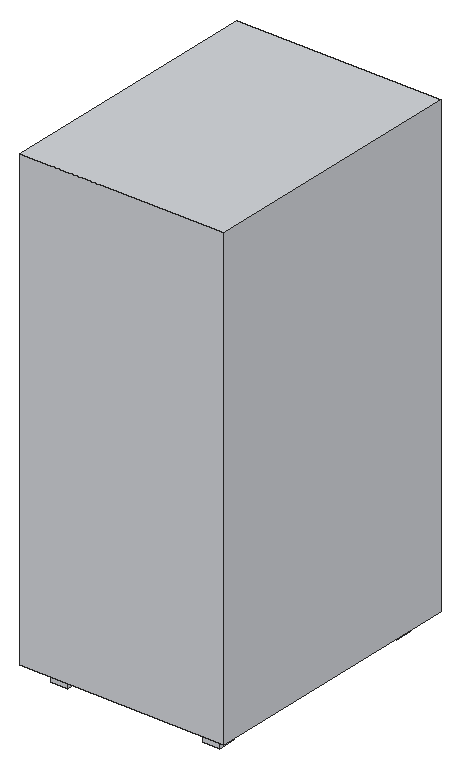
Revit family "c8ec6a947620400eb2c5e670ad26d577", category Electrical Equipment, Revit 2021
Family settings
  Panel Configuration = Two Columns, Circuits Across
  Round Connector Dimension = Use Diameter
  Part Type = Panelboard
  OmniClass Number = 23.80.10.17.34
  OmniClass Title = Static Uninterruptible Power Supplies
  Seek Item ID = Uninterruptible Power Supply-0000-USA-ENU
  Work Plane-Based = No
  Always vertical = Yes
  Cut with Voids When Loaded = No
  Shared = No
  Room Calculation Point = No
Parameters (values of type "10 kVA")
  UPS Width = 2' - 8"
  UPS Material = none
  UPS Length = 2' - 0"
  UPS Height = 4' - 6"
  built-in parameter 1140142 [instance] = -1
  Primary Voltage = 480 V
  Primary Number of Poles = 3
  built-in parameter 1140140 [instance] = 1 (stored number, unit not read)
  Load Classification = Power
  built-in parameter 1155100 [instance] = -1
  Default Elevation = 0' - 0"
Types (4): name | UPS Length | UPS Height
  (no name) | 2' - 0" | 4' - 6"
  10 kVA | 2' - 0" | 4' - 6"
  40 kVA | 3' - 4" | 4' - 6"
  80 kVA | 3' - 4" | 4' - 10"
Reference planes (in)
  plane 1 "Center (Front/Back)": y = 0
  plane 2: z = 0
  plane 3 "Center (Left/Right)": x = 0
  plane 4: y = -2
  plane 5: y = -32
  plane 6: y = -30
  plane 7: x = 12
  plane 8: x = -12
  plane 9: x = -10
  plane 10: x = 10
  plane 11: z = 2
  plane 12: z = 56
Forms (in)
  Extrusion 1, solid, material <- "UPS Material"
    sketch origin (0, 0, 0) x (1, 0, 0) y (0, 1, 0)
      loop
        line (-10, -2) -> (-10, -4) -> (-8, -4) -> (-8, -2) -> (-10, -2)
    from 0 to 2
  Extrusion 2, solid, material <- "UPS Material"
    sketch origin (0, 0, 0) x (1, 0, 0) y (0, 1, 0)
      loop
        line (10, -2) -> (8, -2) -> (8, -4) -> (10, -4) -> (10, -2)
    from 0 to 2
  Extrusion 3, solid, material <- "UPS Material"
    sketch origin (0, 0, 0) x (1, 0, 0) y (0, 1, 0)
      loop
        line (-10, -30) -> (-8, -30) -> (-8, -28) -> (-10, -28) -> (-10, -30)
    from 0 to 2
  Extrusion 4, solid, material <- "UPS Material"
    sketch origin (0, 0, 0) x (1, 0, 0) y (0, 1, 0)
      loop
        line (10, -30) -> (10, -28) -> (8, -28) -> (8, -30) -> (10, -30)
    from 0 to 2
  Extrusion 5, solid, material <- "UPS Material"
    sketch origin (0, 0, 0) x (1, 0, 0) y (0, 1, 0)
      loop
        line (-12, 0) -> (-12, -32) -> (12, -32) -> (12, 0) -> (-12, 0)
    from 2 to 56
Dimensions and locks (in)
  locked: plane 4 to plane 1 "Center (Front/Back)" at 2
  "UPS Width": plane 5 to plane 1 "Center (Front/Back)"
  locked: plane 5 to plane 6 at 2
  "UPS Length": plane 8 to plane 7
  equal spacing: plane 8, plane 3 "Center (Left/Right)", plane 7
  locked: plane 8 to plane 9 at 2
  locked: plane 10 to plane 7 at 2
  locked: plane 11 to plane 2 at 2
  "UPS Height": plane 12 to plane 11
  aligned and locked: plane 9 to Extrusion 1 sketch curve
  aligned and locked: plane 4 to Extrusion 1 sketch curve
  aligned and locked: plane 11 to Extrusion 1
  aligned and locked: plane 10 to Extrusion 2 sketch curve
  aligned and locked: Extrusion 2 sketch curve to plane 4
  aligned and locked: plane 11 to Extrusion 2
  aligned and locked: plane 9 to Extrusion 3 sketch curve
  aligned and locked: plane 6 to Extrusion 3 sketch curve
  aligned and locked: plane 11 to Extrusion 3
  aligned and locked: plane 10 to Extrusion 4 sketch curve
  aligned and locked: Extrusion 4 sketch curve to plane 6
  aligned and locked: plane 11 to Extrusion 4
  aligned and locked: plane 8 to Extrusion 5 sketch curve
  aligned and locked: plane 1 "Center (Front/Back)" to Extrusion 5 sketch curve
  aligned and locked: plane 5 to Extrusion 5 sketch curve
  aligned and locked: Extrusion 5 sketch curve to plane 7
  aligned and locked: plane 12 to Extrusion 5
  aligned and locked: Extrusion 5 to plane 11
  aligned and locked: Extrusion 3 to plane 2
  aligned and locked: Extrusion 4 to plane 2
  aligned and locked: Extrusion 2 to plane 2
  aligned and locked: Extrusion 1 to plane 2
Automatic sketch dimensions
  Extrusion 1 sketch curve to plane 9 = 0' - 2"
  Extrusion 1 sketch curve to Extrusion 1 sketch curve = 0' - 2"
  Extrusion 2 sketch curve to plane 10 = 0' - 2"
  Extrusion 2 sketch curve to Extrusion 2 sketch curve = 0' - 2"
  Extrusion 3 sketch curve to plane 9 = 0' - 2"
  Extrusion 3 sketch curve to plane 6 = 0' - 2"
  Extrusion 4 sketch curve to plane 10 = 0' - 2"
  Extrusion 4 sketch curve to plane 6 = 0' - 2"
Connectors (in)
  electrical at (0, 0, 29), driven by "Primary Voltage", driven by "Primary Number of Poles", driven by "Load Classification"
    settings: on Extrusion 5, index 1, voltage 480 V, apparent load 0 VA, apparent load phase1 0 VA, apparent load phase2 0 VA, apparent load phase3 0 VA, power factor 0.95, load classification "Power", number of poles 3, system type 31, power factor state 1, is connector primary yes, connector utility no, sub classification motor no, connector description ""
  cabletrayconduit at (0, -16, 56), diameter 24
    settings: on Extrusion 5, index 2, connector width 1' - 0", connector height 1' - 0", connector angle 0.00°, system type 32, placement type 1, profile type 0, connector reference index -1, is primary connector yes, connector utility param no, connector description ""
  cabletrayconduit at (-12, -16, 29), diameter 24
    settings: on Extrusion 5, index 3, connector width 1' - 0", connector height 1' - 0", connector angle 0.00°, system type 32, placement type 1, profile type 0, connector reference index -1, is primary connector no, connector utility param no, connector description ""
  cabletrayconduit at (12, -16, 29), diameter 24
    settings: on Extrusion 5, index 4, connector width 1' - 0", connector height 1' - 0", connector angle 0.00°, system type 32, placement type 1, profile type 0, connector reference index -1, is primary connector no, connector utility param no, connector description ""
  cabletrayconduit at (0, 0, 29), diameter 24
    settings: on Extrusion 5, index 5, connector width 1' - 0", connector height 1' - 0", connector angle 0.00°, system type 32, placement type 1, profile type 0, connector reference index -1, is primary connector no, connector utility param no, connector description ""
  cabletrayconduit at (0, -16, 2), diameter 24
    settings: on Extrusion 5, index 6, connector width 1' - 0", connector height 1' - 0", connector angle 0.00°, system type 32, placement type 1, profile type 0, connector reference index -1, is primary connector no, connector utility param no, connector description ""
